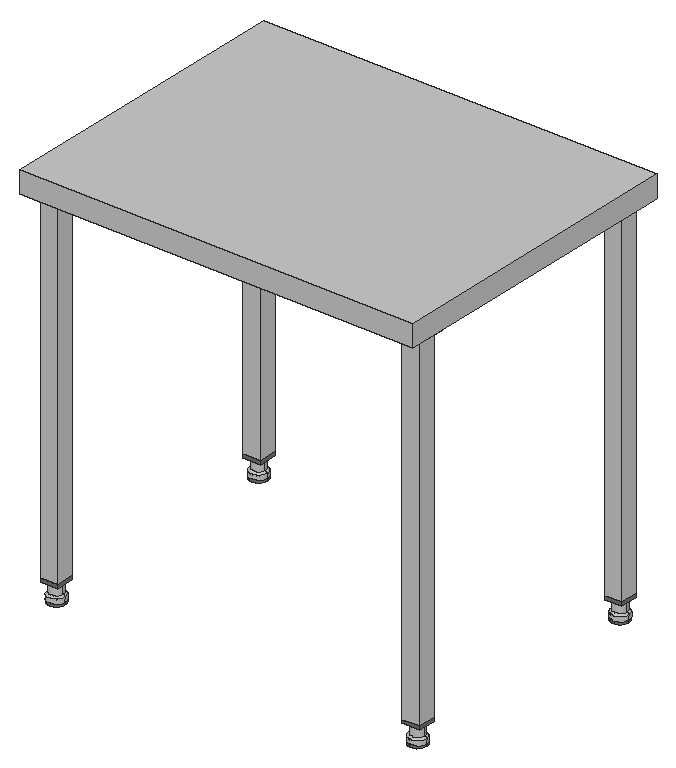
Revit family "QF_ZANUSSI_133218_TG900MBN", category Attrezzature speciali, Revit 2020
Family settings
  Quota connettore circolare = Usa diametro
  Tipo di parte = Normale
  Basato su piano di lavoro = No
  Sempre verticale = Sì
  Taglio con vuoti quando caricato = No
  Condiviso = No
  Punto di calcolo locali = No
Parameters (values of type "Standard")
  Weight = 30.00 kg
  Watts = 0 W
  Volts = 0 V
  URL Manufacturer = "http://www.zanussiprofessional.com"
  URL = "http://www.zanussiprofessional.com"
  Steam Supply Size = 0 mm
  Steam Supply Minimum Pressure = 0.0 Pa
  Steam Supply Maximum Pressure = 0.0 Pa
  Steam Consumption per Hour = 0
  Refrigeration Suction Line Size = 0.0 mm
  Refrigeration Liquid Line Size = 0.0 mm
  Refrigerant Compressor Remote = yes
  Prospetto di default = 0.0 mm
  Produttore = "Zanussi"
  Phase = 0
  Modello = "TG900MBN"
  Length Actual = 900.0 mm  # constant formula
  Item Number = "133218"
  Hot Water Size = 0 mm
  Height Actual = 900.0 mm  # constant formula
  HP = "0 HP"
  Gas Size = 0 mm
  Gas KW = 0
  Gas Input Pressure = 0 W
  Direct Waste Size = 0 mm
  Descrizione = "WORK TABLE 900 MM"
  Depth Actual = 700.0 mm  # constant formula
  Cycle = 0 Hz
  Condensate Return Size = 0 mm
  Compressed Air Volume = 0.0 L/s
  Compressed Air Size = 0 mm
  Compressed Air Pressure = 0.0 Pa
  Cold Water Size = 0 mm
  Accessory = yes
Reference planes
  plane 1 "Center (Front/Back)": y = 0
  plane 2: z = 0
  plane 3 "Center (Left/Right)": x = 50
  plane 4 "LEFT": x = -400
  plane 5 "RIGHT": x = 500
  plane 6 "BACK": y = 350
  plane 7 "FRONT": y = -350
  plane 8 "Base": z = 850
  plane 9 "TOP": z = 900
  plane 10: x = -364.5
  plane 11: x = 464.5
  plane 12: y = 290
  plane 13: y = -290
Forms (mm)
  Extrusion 1, solid, material "QF_Finishes_Stainless Steel"
    sketch origin (50, 0, 0) x (0, 1, 0) y (0, 0, 1)
      loop
        line (-350, 850) -> (350, 850) -> (350, 900) -> (-350, 900) -> (-350, 850)
    from 450 to -450
Lines and regions (mm)
  symbolic lines
    curve 1: line (500, 350, 900) -> (-400, 350, 900)
    curve 2: line (-400, 350, 900) -> (-400, -350, 900)
    curve 3: line (-400, -350, 900) -> (500, -350, 900)
    curve 4: line (500, -350, 900) -> (500, 350, 900)
Dimensions and locks
  plane 4 "LEFT" to plane 5 "RIGHT" = 900.0 mm
  equal spacing: plane 4 "LEFT", plane 3 "Center (Left/Right)", plane 5 "RIGHT"
  plane 4 "LEFT" to plane 10 = 35.5 mm
  plane 11 to plane 5 "RIGHT" = 35.5 mm
  plane 10 to plane 11 = 829.0 mm
  locked: plane 9 "TOP" to level at 900
  plane 6 "BACK" to plane 12 = 60.0 mm
  plane 13 to plane 7 "FRONT" = 60.0 mm
  plane 6 "BACK" to plane 7 "FRONT" = 700.0 mm
  plane 12 to plane 13 = 580.0 mm
  equal spacing: plane 6 "BACK", plane 1 "Center (Front/Back)", plane 7 "FRONT"
  locked: plane 8 "Base" to level at 850
  aligned and locked: level to plane 2
  aligned and locked: plane 10 to nested 1
  aligned and locked: nested 1 to plane 13
  aligned and locked: plane 11 to nested 2
  aligned and locked: nested 2 to plane 13
  aligned and locked: plane 11 to nested 4
  aligned and locked: nested 4 to plane 12
  aligned and locked: plane 10 to nested 3
  aligned and locked: nested 3 to plane 12
  aligned and locked: Extrusion 1 to plane 4 "LEFT"
  aligned and locked: plane 5 "RIGHT" to Extrusion 1
  aligned and locked: curve 2 to plane 4 "LEFT"
Automatic sketch dimensions
  Extrusion 1 sketch curve to plane 7 "FRONT" = 0.0 mm
  Extrusion 1 sketch curve to plane 8 "Base" = 0.0 mm
  curve 3 to plane 7 "FRONT" = 0.0 mm
  curve 4 to plane 6 "BACK" = 0.0 mm
  Extrusion 1 sketch curve to plane 9 "TOP" = 0.0 mm
  Extrusion 1 sketch curve to plane 6 "BACK" = 0.0 mm
  curve 4 to plane 5 "RIGHT" = 0.0 mm
Nested families
  nested 1: "FEET_40x40_APP42" at (-364.5, -290, 0), type "FEET_40x40_APP42"
  nested 2: "FEET_40x40_APP42" at (464.5, -290, 0), type "FEET_40x40_APP42"
  nested 3: "FEET_40x40_APP42" at (-364.5, 290, 0), type "FEET_40x40_APP42"
  nested 4: "FEET_40x40_APP42" at (464.5, 290, 0), type "FEET_40x40_APP42"
Definition of nested family "FEET_40x40_APP42"
  Parameters
    Default Elevation = 0.0 mm
    FEET = 850.0 mm
  Reference planes
    plane 1 "Center (Front/Back)": y = 0
    plane 2: z = 0
    plane 3 "Center (Left/Right)": x = 0
    plane 4: z = 850
  Forms (mm)
    Extrusion 1, solid
      sketch origin (0, 0, 0) x (1, 0, 0) y (0, 1, 0)
        loop
          line (-20, -20) -> (20, -20) -> (20, 20) -> (-20, 20) -> (-20, -20)
      from 50 to 845
    Extrusion 2, solid
      sketch origin (0, 0, 0) x (1, 0, 0) y (0, 1, 0)
        loop
          circle (0, 0) r 20
      from 0 to 5
    Extrusion 3, solid
      sketch origin (0, 0, 0) x (1, 0, 0) y (0, 1, 0)
        loop
          line (30, 30) -> (-30, 30) -> (-30, -30) -> (30, -30) -> (30, 30)
      from 845 to 850
    Extrusion 4, solid
      sketch origin (0, 0, 0) x (1, 0, 0) y (0, 1, 0)
        loop
          line (-20, -20) -> (20, -20) -> (20, 20) -> (-20, 20) -> (-20, -20)
      from 50 to 42
    Revolve 5, solid
      sketch origin (0, 0, 0) x (1, 0, 0) y (0, 0, 1)
        loop
          line (0, 42) -> (-15, 42) -> (-15, 20) -> (-20, 15) -> (-20, 5) -> (0, 5) -> (0, 42)
        axis (0, 42) -> (0, 5)
      angle from 0 to 360
  Lines and regions (mm)
    symbolic lines
      curve 1: line (0, -1.503, 0) -> (0, 1.508, 0)
      curve 2: line (1.561, 0, 0) -> (-1.439, 0, 0)
  Dimensions and locks
    "FEET": plane 4 to plane 2
    aligned and locked: level to plane 2
  Automatic sketch dimensions
    plane 1 "Center (Front/Back)" to curve 2 = 0.0 mm
    curve 1 to plane 3 "Center (Left/Right)" = 0.0 mm
    curve 2 to plane 3 "Center (Left/Right)" = 1.439 mm
    plane 3 "Center (Left/Right)" to curve 2 = 1.561 mm
    plane 1 "Center (Front/Back)" to curve 1 = 1.503 mm
    curve 1 to plane 1 "Center (Front/Back)" = 1.508 mm
    Extrusion 1 sketch curve to plane 3 "Center (Left/Right)" = 20.0 mm
    plane 3 "Center (Left/Right)" to Extrusion 1 sketch curve = 20.0 mm
    plane 1 "Center (Front/Back)" to Extrusion 1 sketch curve = 20.0 mm
    Extrusion 1 sketch curve to plane 1 "Center (Front/Back)" = 20.0 mm
    plane 1 "Center (Front/Back)" to Extrusion 2 sketch curve = 0.0 mm
    Extrusion 2 sketch curve to plane 3 "Center (Left/Right)" = 0.0 mm
    Extrusion 3 sketch curve to plane 3 "Center (Left/Right)" = 30.0 mm
    plane 3 "Center (Left/Right)" to Extrusion 3 sketch curve = 30.0 mm
    plane 1 "Center (Front/Back)" to Extrusion 3 sketch curve = 30.0 mm
    Extrusion 3 sketch curve to plane 1 "Center (Front/Back)" = 30.0 mm
    Extrusion 4 sketch curve to plane 3 "Center (Left/Right)" = 20.0 mm
    plane 3 "Center (Left/Right)" to Extrusion 4 sketch curve = 20.0 mm
    plane 1 "Center (Front/Back)" to Extrusion 4 sketch curve = 20.0 mm
    Extrusion 4 sketch curve to plane 1 "Center (Front/Back)" = 20.0 mm
    Revolve 5 sketch curve to plane 3 "Center (Left/Right)" = 0.0 mm  (x2)
    Revolve 5 sketch curve to plane 3 "Center (Left/Right)" = 15.0 mm
    Revolve 5 sketch curve to Revolve 5 sketch curve = 5.0 mm  (x3)
    level to Revolve 5 sketch curve = 5.0 mm
    Revolve 5 sketch curve to Revolve 5 sketch curve = 10.0 mm
    Revolve 5 sketch curve to Revolve 5 sketch curve = 22.0 mm
    Revolve 5 sketch curve to level = 9.561 mm
    radius of Extrusion 2 sketch curve = 20.0 mm
